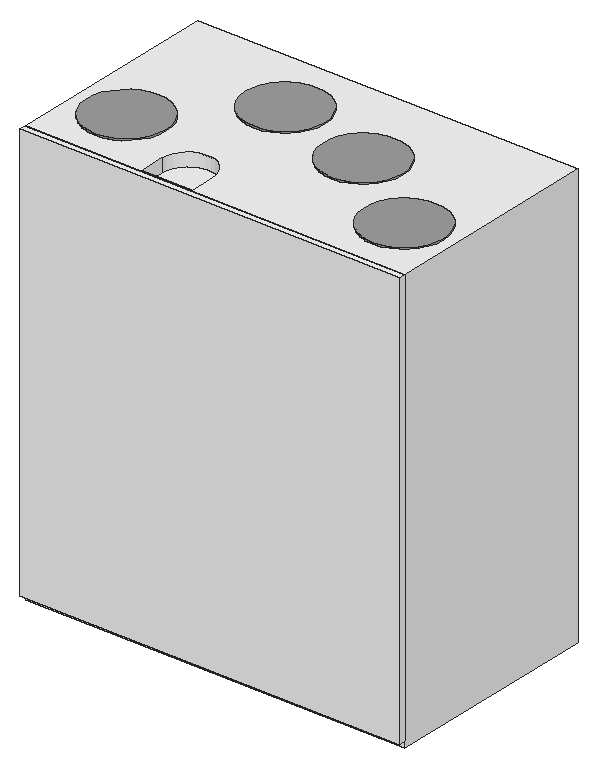
Revit family "210_e043900bc1dc4065a8cf497bf579gb", category Mechanical Equipment, Revit 2020
Family settings
  Round Connector Dimension = Use Diameter
  Classification = None
  Part Type = Normal
  Work Plane-Based = No
  Always vertical = Yes
  Cut with Voids When Loaded = No
  Shared = No
  Room Calculation Point = No
Parameters (values of type "Vallox 51 MV R, no heater")
  magiProductId = "e043900bc1dc4065a8cf497bf579gb"
  magiProductFamilyId = "e043900bc1dc4065a8cf497bf579gb"
  magiPartTypeId = 210
  fan_pressure_supply [instance] = 0.0 Pa
  fan_pressure_exhaust [instance] = 0.0 Pa
  fan_flow_supply [instance] = 0.0 L/s
  fan_flow_exhaust [instance] = 0.0 L/s
  ang2D [instance] = 0.00°
  W_2 = 169.5 mm
  W = 339 mm
  VersionID = "2.0/2020.10.13.1/VALLOX_51_202"
  VIS0 = no
  URL = "www.vallox.com"
  SE = 0 mm
  S = 1 mm
  RS = 62.5 mm
  QmdConnectorList = "221;D;231;D;241;D;251;D"
  Productdata [instance] = "© MagiCAD Group, all rights reserved"
  PValue [instance] = 100.0 Pa
  Manufacturer = "Vallox"
  MZONU__ve [instance] = -Maintenance Zone Under Depth  # -500 mm
  Maintenance Zone Under Depth [instance] = 500 mm
  Maintenance Zone Right Depth [instance] = 500 mm
  Maintenance Zone Over Depth [instance] = 500 mm
  Maintenance Zone Left Depth [instance] = 500 mm
  Maintenance Zone Front Depth [instance] = 330 mm
  Maintenance Zone Bottom Visibility [instance] = no
  Maintenance Zone Top Visibility [instance] = no
  Maintenance Zone Right Visibility [instance] = no
  Maintenance Zone Left Visibility [instance] = no
  Maintenance Zone Front Visibility [instance] = no
  MP_LLDAndHLD = and(MP, LLDAndHLD)  # no
  MPS = 2 mm
  MPH1 = 44 mm
  MPH = 46 mm
  MP = no
  MC Voltage = 230 V
  MC Ventilation Flow [instance] = 0.0 L/s
  MC Product Code = "Vallox 51 MV R, no heater"
  MC Piping Flow [instance] = 0.0 L/s
  MC Number of Poles = 1
  MC Material4 MAIN_MODEL = MC_0_0_0_0_50
  MC Material14 MAIN_MODEL = MC_191_191_191_0_50
  MC Material13 MAIN_MODEL = MC_255_255_255_60_50
  MC Material12 MAIN_MODEL = MC_128_128_128_0_50
  MC Material1 MAIN_MODEL = MC_255_255_255_0_50
  MC Enable LOD 350 = no
  MC Enable LOD 200 = no
  MC Eload Classification [instance] = Other
  MC CosPhi = 1
  MC Cooling Flow [instance] = 0.0 L/s
  MC Apparent Power = MC Active Power / MC CosPhi  # 940 VA
  MC Active Power = 940 W
  L_2 = 299 mm
  LP1 = 588 mm
  LLDONLY = not(BBVIS)  # yes
  LLDAndHLD = and(or(LLDONLY, MC Enable LOD 350), not(BBVIS))  # yes
  LD = 89 mm
  L = 598 mm
  HZ = 673 mm
  HP1 = 658 mm
  HP = 339 mm
  HB = 648 mm
  H2 = 668 mm
  H = 668 mm
  ER1 = 20 mm
  ER = 26 mm
  EPR = 30 mm
  ENBL350 = and(MC Enable LOD 350, not(BBVIS))  # no
  E = 110 mm
  Description = "Ventilation unit"
  Default Elevation = 0 mm
  D_2 = 62.5 mm
  DSCY = 105 mm
  DSC = 222 mm
  DR4 = 12 mm
  DR3 = 10 mm
  DR2 = 6 mm
  DR1 = 17.5 mm
  DR = 22.5 mm
  DPR = 8 mm
  DOC = 518 mm
  DL = 15 mm
  DEXY = 145 mm
  DEX = 377 mm
  DEC = 81 mm
  D = 125 mm
  CenSd_EPR_6 = EPR * cos(30.00°)  # 25.981 mm
  CenSd_DPR_8 = DPR * cos(22.50°)  # 7.391 mm
  Clearance Zone Under Depth [instance] = 500 mm
  Clearance Zone Right Depth [instance] = 500 mm
  Clearance Zone Left Depth [instance] = 500 mm
  Clearance Zone Height Depth [instance] = 500 mm
  Clearance Zone Front Depth [instance] = 500 mm
  Clearance Zone Visibility [instance] = no
  CAT = no
  BW = 359 mm
  BH = 725 mm
  BBVIS = MC Enable LOD 200  # no
Reference planes
  plane 1 "Center (Front/Back)": y = 0
  plane 2 "XYPLANE": z = 0
  plane 3 "Center (Left/Right)": x = 0
  plane 4 "312": y = -76.5
  plane 5 "311": x = -32
  plane 6 "310": x = -122
  plane 7 "284": z = 668
  plane 8 "282": y = -156.5
  plane 9 "281": z = 712
  plane 10 "277": x = -297
  plane 11 "276": x = 297
  plane 12 "275": y = -157.5
  plane 13 "267": z = 673
  plane 14 "161": x = 799
  plane 15 "158": x = -799
  plane 16 "153": y = -509.5
  plane 17 "150": z = 1173
  plane 18 "149": z = -552
  plane 19 "147": y = -659.5
  plane 20 "146": x = 799
  plane 21 "145": x = 299
  plane 22 "144": x = -799
  plane 23 "129": y = 51.5
  plane 24 "121": y = 36.5
  plane 25 "120": z = -32
  plane 26 "118": y = 31.5
  plane 27 "117": y = 26.5
  plane 28 "116": z = -22
  plane 29 "114": x = -220
  plane 30 "113": x = -200
  plane 31 "109": z = -47
  plane 32 "107": z = -52
  plane 33 "105": y = 6.5
  plane 34 "104": x = -210
  plane 35 "95": x = -77
  plane 36 "92": z = 673
  plane 37 "90": z = 663
  plane 38 "86": y = -157.5
  plane 39 "85": y = -117.5
  plane 40 "84": x = -37
  plane 41 "83": x = -117
  plane 42 "80": z = 440
  plane 43 "79": z = 438
  plane 44 "78": z = 448
  plane 45 "77": y = -179.5
  plane 46 "76": y = -171.5
  plane 47 "75": y = -169.5
  plane 48 "74": x = -294
  plane 49 "70": z = 339
  plane 50 "69": y = -159.5
  plane 51 "67": y = 10
  plane 52 "42": x = 219
  plane 53 "41": x = 78
  plane 54 "40": y = 34.5
  plane 55 "39": y = 74.5
  plane 56 "38": x = -77
  plane 57 "17": x = -218
  plane 58 "16": x = -299
  plane 59 "15": z = 668
  plane 60 "14": y = -61.5
  plane 61 "13": y = 179.5
  plane 62 "3": z = 0
  plane 63 "2": y = 0
  plane 64 "1": x = 0
Forms (mm)
  Extrusion 1, solid, material "MC_128_128_128_0_50" <- "MC Material12 MAIN_MODEL", visible <- "MP_LLDAndHLD"
    sketch origin (-750, 0, 668) x (1, 0, 0) y (0, 1, 0)
      loop
        circle (969, -61.5) r 62.5
    from 0 to 46 <- "MPH"
  Extrusion 2, solid, material "MC_128_128_128_0_50" <- "MC Material12 MAIN_MODEL", visible <- "MP_LLDAndHLD"
    sketch origin (-750, 0, 668) x (1, 0, 0) y (0, 1, 0)
      loop
        circle (828, 34.5) r 62.5
    from 0 to 46 <- "MPH"
  Extrusion 3, solid, material "MC_128_128_128_0_50" <- "MC Material12 MAIN_MODEL", visible <- "MP_LLDAndHLD"
    sketch origin (-750, 0, 668) x (1, 0, 0) y (0, 1, 0)
      loop
        circle (673, 74.5) r 62.5
    from 0 to 46 <- "MPH"
  Extrusion 4, solid, material "MC_128_128_128_0_50" <- "MC Material12 MAIN_MODEL", visible <- "MP_LLDAndHLD"
    sketch origin (-750, 0, 668) x (1, 0, 0) y (0, 1, 0)
      loop
        circle (532, -61.5) r 62.5
    from 0 to 46 <- "MPH"
  Extrusion 5, solid, material "MC_191_191_191_0_50" <- "MC Material14 MAIN_MODEL", visible <- "MP_LLDAndHLD"
    sketch origin (-750, 0, 712) x (1, 0, 0) y (0, 1, 0)
      loop
        line (453, 179.5) -> (453, -157.5) -> (1047, -157.5) -> (1047, 179.5) -> (453, 179.5)
      loop
        line (628, -76.5) -> (628, -156.5) -> (718, -156.5) -> (718, -76.5) -> (628, -76.5)
    from 0 to 2
  Extrusion 6, solid, material "MC_255_255_255_0_50" <- "MC Material1 MAIN_MODEL", visible <- "MP_LLDAndHLD"
    sketch origin (-750, 0, 668) x (1, 0, 0) y (0, 1, 0)
      loop
        line (451, -157.5) -> (451, -159.5) -> (1049, -159.5) -> (1049, -157.5) -> (451, -157.5)
    from 0 to 46 <- "MPH"
  Extrusion 7, solid, material "MC_255_255_255_0_50" <- "MC Material1 MAIN_MODEL", visible <- "MP_LLDAndHLD"
    sketch origin (-750, 0, 668) x (1, 0, 0) y (0, 1, 0)
      loop
        line (453, 179.5) -> (451, 179.5) -> (451, -157.5) -> (453, -157.5) -> (453, 179.5)
    from 0 to 46 <- "MPH"
  Extrusion 8, solid, material "MC_255_255_255_0_50" <- "MC Material1 MAIN_MODEL", visible <- "MP_LLDAndHLD"
    sketch origin (-750, 0, 668) x (1, 0, 0) y (0, 1, 0)
      loop
        line (1049, 179.5) -> (1047, 179.5) -> (1047, -157.5) -> (1049, -157.5) -> (1049, 179.5)
    from 0 to 46 <- "MPH"
  Extrusion 9, solid, material "MC_255_255_255_60_50" <- "MC Material13 MAIN_MODEL", visible <- "Maintenance Zone Top Visibility"
    sketch origin (-750, 0, 673) x (1, 0, 0) y (0, 1, 0)
      loop
        line (451, 179.5) -> (451, -179.5) -> (1049, -179.5) -> (1049, 179.5) -> (451, 179.5)
    from 0 to 500 <- "Maintenance Zone Over Depth"
  Extrusion 10, solid, material "MC_255_255_255_60_50" <- "MC Material13 MAIN_MODEL", visible <- "Maintenance Zone Bottom Visibility"
    sketch origin (-750, 0, -52) x (1, 0, 0) y (0, 1, 0)
      loop
        line (451, 179.5) -> (451, -179.5) -> (1049, -179.5) -> (1049, 179.5) -> (451, 179.5)
    from 0 to -500 <- "MZONU__ve"
  Extrusion 11, solid, material "MC_255_255_255_60_50" <- "MC Material13 MAIN_MODEL", visible <- "Maintenance Zone Right Visibility"
    sketch origin (-750, 0, -52) x (1, 0, 0) y (0, 1, 0)
      loop
        line (1549, 179.5) -> (1049, 179.5) -> (1049, -179.5) -> (1549, -179.5) -> (1549, 179.5)
    from 0 to 725 <- "BH"
  Extrusion 12, solid, material "MC_255_255_255_60_50" <- "MC Material13 MAIN_MODEL", visible <- "Maintenance Zone Left Visibility"
    sketch origin (-750, 0, -52) x (1, 0, 0) y (0, 1, 0)
      loop
        line (451, 179.5) -> (-49, 179.5) -> (-49, -179.5) -> (451, -179.5) -> (451, 179.5)
    from 0 to 725 <- "BH"
  Extrusion 13, solid, material "MC_255_255_255_60_50" <- "MC Material13 MAIN_MODEL", visible <- "Maintenance Zone Front Visibility"
    sketch origin (-750, 0, -52) x (1, 0, 0) y (0, 1, 0)
      loop
        line (451, -179.5) -> (451, -509.5) -> (1049, -509.5) -> (1049, -179.5) -> (451, -179.5)
    from 0 to 725 <- "BH"
  Blend 14, solid, material "MC_255_255_255_60_50" <- "MC Material13 MAIN_MODEL", visible <- "Clearance Zone Visibility"
    base sketch origin (-750, 0, -552) x (1, 0, 0) y (0, 1, 0)
      loop
        line (-49, 179.5) -> (-49, -659.5) -> (1549, -659.5) -> (1549, 179.5) -> (-49, 179.5)
    top sketch origin (-750, 0, -552) x (1, 0, 0) y (0, 1, 0)
      loop
        line (-49, 179.5) -> (-49, -659.5) -> (1549, -659.5) -> (1549, 179.5) -> (-49, 179.5)
    from 0 to 1725
  Extrusion 15, solid, visible <- "BBVIS"
    sketch origin (-750, 0, -52) x (1, 0, 0) y (0, 1, 0)
      loop
        line (1049, 179.5) -> (451, 179.5) -> (451, -179.5) -> (1049, -179.5) -> (1049, 179.5)
    from 0 to 725 <- "BH"
  Extrusion 16, solid, material "MC_255_255_255_0_50" <- "MC Material1 MAIN_MODEL", visible <- "ENBL350"
    sketch origin (750, 36.5, 0) x (-1, 0, 0) y (0, 0, 1)
      loop
        circle (960, -32) r 10
      loop
        line (952, -32) -> (954.343, -37.657) -> (960, -40) -> (965.657, -37.657) -> (968, -32) -> (965.657, -26.343) -> (960, -24) -> (954.343, -26.343) -> (952, -32)
    from 0 to 3
  Extrusion 17, solid, material "MC_255_255_255_0_50" <- "MC Material1 MAIN_MODEL", visible <- "LLDAndHLD"
    sketch origin (750, 36.5, 0) x (-1, 0, 0) y (0, 0, 1)
      loop
        circle (960, -32) r 6
    from 0 to 15
  Extrusion 18, solid, material "MC_255_255_255_0_50" <- "MC Material1 MAIN_MODEL", visible <- "LLDAndHLD"
    sketch origin (750, 36.5, 0) x (-1, 0, 0) y (0, 0, 1)
      loop
        circle (960, -32) r 6
    from 0 to -5
  Extrusion 19, solid, material "MC_255_255_255_0_50" <- "MC Material1 MAIN_MODEL", visible <- "ENBL350"
    sketch origin (750, 36.5, 0) x (-1, 0, 0) y (0, 0, 1)
      loop
        line (952, -32) -> (954.343, -37.657) -> (960, -40) -> (965.657, -37.657) -> (968, -32) -> (965.657, -26.343) -> (960, -24) -> (954.343, -26.343) -> (952, -32)
      loop
        circle (960, -32) r 6
    from 0 to 15
  Extrusion 20, solid, material "MC_255_255_255_0_50" <- "MC Material1 MAIN_MODEL", visible <- "LLDAndHLD"
    sketch origin (-750, 0, -22) x (1, 0, 0) y (0, 1, 0)
      loop
        arc (530, 26.5) -> (540, 28.75) -> (550, 26.5) r 23.347
        line (550, 26.5) -> (550, 31.5) -> (530, 31.5) -> (530, 26.5)
    from 0 to -20
  Blend 21, solid, material "MC_255_255_255_0_50" <- "MC Material1 MAIN_MODEL", visible <- "LLDAndHLD"
    base sketch origin (-750, 0, -47) x (1, 0, 0) y (0, 1, 0)
      loop
        circle (540, 6.5) r 22.5
    top sketch origin (-750, 0, -47) x (1, 0, 0) y (0, 1, 0)
      loop
        circle (540, 6.5) r 17.5
    from 0 to -5
  Extrusion 22, solid, material "MC_255_255_255_0_50" <- "MC Material1 MAIN_MODEL", visible <- "LLDAndHLD"
    sketch origin (-750, 0, -47) x (1, 0, 0) y (0, 1, 0)
      loop
        circle (540, 6.5) r 22.5
    from 0 to 47
  Blend 23, solid, material "MC_255_255_255_0_50" <- "MC Material1 MAIN_MODEL", visible <- "ENBL350"
    base sketch origin (-750, 0, 663) x (1, 0, 0) y (0, 1, 0)
      loop
        circle (673, -117.5) r 26
    top sketch origin (-750, 0, 663) x (1, 0, 0) y (0, 1, 0)
      loop
        circle (673, -117.5) r 20
    from 0 to 10
  Extrusion 24, solid, material "MC_255_255_255_0_50" <- "MC Material1 MAIN_MODEL", visible <- "ENBL350"
    sketch origin (-750, 0, 663) x (1, 0, 0) y (0, 1, 0)
      loop
        line (703, -117.5) -> (688, -91.519) -> (658, -91.519) -> (643, -117.5) -> (658, -143.481) -> (688, -143.481) -> (703, -117.5)
    from 0 to -15
  Extrusion 25, solid, material "MC_255_255_255_0_50" <- "MC Material1 MAIN_MODEL", visible <- "LLDAndHLD"
    sketch origin (-750, 0, 0) x (1, 0, 0) y (0, 1, 0)
      loop
        line (633, -157.5) -> (713, -157.5) -> (713, -117.5)
        arc (713, -117.5) -> (673, -77.5) -> (633, -117.5) r 40
        line (633, -117.5) -> (633, -157.5)
    from 0 to 648 <- "HB"
  Extrusion 26, solid, material "MC_255_255_255_0_50" <- "MC Material1 MAIN_MODEL", visible <- "ENBL350"
    sketch origin (-294, -750, 0) x (0, 1, 0) y (0, 0, 1)
      loop
        line (580.5, 668) -> (578.5, 668) -> (578.5, 448) -> (570.5, 440) -> (570.5, 438) -> (580.5, 448) -> (580.5, 668)
    from 0 to 588 <- "LP1"
  Extrusion 27, solid, material "MC_255_255_255_0_50" <- "MC Material1 MAIN_MODEL", visible <- "LLDAndHLD"
    sketch origin (750, -159.5, 0) x (-1, 0, 0) y (0, 0, 1)
      loop
        line (1049, 668) -> (451, 668) -> (451, 10) -> (1049, 10) -> (1049, 668)
    from 0 to -10
  Extrusion 28, solid, material "MC_128_128_128_0_50" <- "MC Material12 MAIN_MODEL", visible <- "LLDAndHLD"
    sketch origin (-750, 0, 668) x (1, 0, 0) y (0, 1, 0)
      loop
        circle (828, 34.5) r 62.5
    from 0 to 2
  Extrusion 29, solid, material "MC_128_128_128_0_50" <- "MC Material12 MAIN_MODEL", visible <- "LLDAndHLD"
    sketch origin (-750, 0, 668) x (1, 0, 0) y (0, 1, 0)
      loop
        circle (673, 74.5) r 62.5
    from 0 to 2
  Extrusion 30, solid, material "MC_128_128_128_0_50" <- "MC Material12 MAIN_MODEL", visible <- "LLDAndHLD"
    sketch origin (-750, 0, 668) x (1, 0, 0) y (0, 1, 0)
      loop
        circle (969, -61.5) r 62.5
    from 0 to 2
  Extrusion 31, solid, material "MC_128_128_128_0_50" <- "MC Material12 MAIN_MODEL", visible <- "LLDAndHLD"
    sketch origin (-750, 0, 668) x (1, 0, 0) y (0, 1, 0)
      loop
        circle (532, -61.5) r 62.5
    from 0 to 2
  Extrusion 32, solid, material "MC_255_255_255_0_50" <- "MC Material1 MAIN_MODEL", visible <- "LLDAndHLD"
    sketch origin (-750, 0, 0) x (1, 0, 0) y (0, 1, 0)
      loop
        line (1049, 179.5) -> (451, 179.5) -> (451, -159.5) -> (1049, -159.5) -> (1049, 179.5)
      loop
        line (633, -157.5) -> (713, -157.5) -> (713, -117.5)
        arc (713, -117.5) -> (673, -77.5) -> (633, -117.5) r 40
        line (633, -117.5) -> (633, -157.5)
    from 0 to 668 <- "H"
  Extrusion 33, solid, not visible
    sketch origin (750, 51.5, 0) x (-1, 0, 0) y (0, 0, 1)
      loop
        circle (960, -32) r 10
    from 0 to -10
  Extrusion 34, solid, not visible
    sketch origin (-750, 0, 668) x (1, 0, 0) y (0, 1, 0)
      loop
        circle (828, 34.5) r 10
    from 0 to -10
  Extrusion 35, solid, not visible
    sketch origin (-750, 0, 668) x (1, 0, 0) y (0, 1, 0)
      loop
        circle (673, 74.5) r 10
    from 0 to -10
  Extrusion 36, solid, not visible
    sketch origin (-750, 0, 668) x (1, 0, 0) y (0, 1, 0)
      loop
        circle (969, -61.5) r 10
    from 0 to -10
  Extrusion 37, solid, not visible
    sketch origin (-750, 0, 668) x (1, 0, 0) y (0, 1, 0)
      loop
        circle (532, -61.5) r 10
    from 0 to -10
  Extrusion 38, solid, not visible
    sketch origin (-750, 0, 673) x (1, 0, 0) y (0, 1, 0)
      loop
        circle (673, -117.5) r 10
    from 0 to -10
Lines and regions (mm)
  reference lines, not visible
    curve 1: circle (2, 2, 0) r 1 normal (0, 0, 1)
  reference lines
    curve 2: circle (0, 0, -52) r 1 normal (0, 0, 1)
    curve 3: line (-210, 36.5, -32) -> (-211.172, 36.5, -34.828)
    curve 4: line (-210, 36.5, -32) -> (-212.828, 36.5, -33.172)
    curve 5: line (-210, 36.5, -32) -> (-212.828, 36.5, -30.828)
    curve 6: line (-210, 36.5, -32) -> (-211.172, 36.5, -29.172)
    curve 7: line (-210, 36.5, -32) -> (-211.172, 36.5, -34.828)
    curve 8: line (-210, 36.5, -32) -> (-212.828, 36.5, -33.172)
    curve 9: line (-210, 36.5, -32) -> (-212.828, 36.5, -30.828)
    curve 10: line (-210, 36.5, -32) -> (-211.172, 36.5, -29.172)
    curve 11: line (-220, 26.5, -22) -> (-200, 26.5, -22)
    curve 12: line (-77, -117.5, 663) -> (-84.5, -104.51, 663)
    curve 13: line (-77, -117.5, 663) -> (-92, -117.5, 663)
    curve 14: line (-77, -117.5, 663) -> (-84.5, -130.49, 663)
    curve 15: line (-117, -117.5, 0) -> (-37, -117.5, 0)
    curve 16: circle (0, -159.5, 339) r 1 normal (0, -1, 0)
    curve 17: circle (0, 10, 0) r 1 normal (0, 0, 1)
    curve 18: line (-117, -117.5, 0) -> (-37, -117.5, 0)
Dimensions and locks
  plane 1 "Center (Front/Back)" to curve 1 = 2 mm
  locked: plane 8 "282" to plane 4 "312" at 80
  locked: plane 6 "310" to plane 5 "311" at 90
  locked: plane 35 "95" to plane 6 "310" at 45
  "H2": plane 62 "3" to plane 7 "284"
  locked: plane 12 "275" to plane 8 "282" at 1
  "MPH1": plane 59 "15" to plane 9 "281"
  "MPS": plane 58 "16" to plane 10 "277"
  "MPS": plane 21 "145" to plane 11 "276"
  "MPS": plane 50 "69" to plane 12 "275"
  "HZ": plane 62 "3" to plane 13 "267"
  "Maintenance Zone Right Depth": plane 21 "145" to plane 14 "161"
  "Maintenance Zone Left Depth": plane 58 "16" to plane 15 "158"
  "Maintenance Zone Front Depth": plane 45 "77" to plane 16 "153"
  "Clearance Zone Height Depth": plane 13 "267" to plane 17 "150"
  "Clearance Zone Under Depth": plane 32 "107" to plane 18 "149"
  "Clearance Zone Front Depth": plane 50 "69" to plane 19 "147"
  "Clearance Zone Right Depth": plane 21 "145" to plane 20 "146"
  "L_2": plane 64 "1" to plane 21 "145"
  "Clearance Zone Left Depth": plane 58 "16" to plane 22 "144"
  locked: plane 24 "121" to plane 23 "129" at 15
  locked: plane 26 "118" to plane 24 "121" at 5
  locked: plane 28 "116" to plane 25 "120" at 10
  locked: plane 27 "117" to plane 26 "118" at 5
  locked: plane 33 "105" to plane 27 "117" at 20
  locked: plane 62 "3" to plane 28 "116" at 22
  locked: plane 34 "104" to plane 29 "114" at 10
  locked: plane 34 "104" to plane 30 "113" at 10
  locked: plane 62 "3" to plane 31 "109" at 47
  locked: plane 62 "3" to plane 32 "107" at 52
  locked: plane 61 "13" to plane 33 "105" at 173
  "LD": plane 58 "16" to plane 34 "104"
  locked: plane 58 "16" to plane 35 "95" at 222
  locked: plane 59 "15" to plane 36 "92" at 5
  locked: plane 59 "15" to plane 37 "90" at 5
  locked: plane 50 "69" to plane 38 "86" at 2
  locked: plane 38 "86" to plane 39 "85" at 40
  locked: plane 35 "95" to plane 40 "84" at 40
  locked: plane 35 "95" to plane 41 "83" at 40
  locked: plane 44 "78" to plane 42 "80" at 8
  locked: plane 44 "78" to plane 43 "79" at 10
  locked: plane 59 "15" to plane 44 "78" at 220
  locked: plane 47 "75" to plane 45 "77" at 10
  locked: plane 47 "75" to plane 46 "76" at 2
  locked: plane 50 "69" to plane 47 "75" at 10
  locked: plane 58 "16" to plane 48 "74" at 5
  "HP": plane 62 "3" to plane 49 "70"
  "W_2": plane 51 "67" to plane 50 "69"
  locked: plane 63 "2" to plane 51 "67" at 10
  "DOC": plane 58 "16" to plane 52 "42"
  "DEX": plane 58 "16" to plane 53 "41"
  "DEXY": plane 61 "13" to plane 54 "40"
  "DSCY": plane 61 "13" to plane 55 "39"
  "DSC": plane 58 "16" to plane 56 "38"
  "DEC": plane 58 "16" to plane 57 "17"
  "L_2": plane 64 "1" to plane 58 "16"
  "H": plane 62 "3" to plane 59 "15"
  locked: plane 61 "13" to plane 60 "14" at 241
  "W_2": plane 51 "67" to plane 61 "13"
  locked: plane 2 "XYPLANE" to plane 62 "3"
  locked: plane 1 "Center (Front/Back)" to plane 63 "2"
  locked: plane 3 "Center (Left/Right)" to plane 64 "1"
  Extrusion 5 sketch curve to Extrusion 5 sketch curve = 0 mm  (x16)
  Extrusion 6 sketch curve to Extrusion 6 sketch curve = 0 mm  (x8)
  Extrusion 7 sketch curve to Extrusion 7 sketch curve = 0 mm  (x8)
  Extrusion 8 sketch curve to Extrusion 8 sketch curve = 0 mm  (x8)
  Extrusion 9 sketch curve to Extrusion 9 sketch curve = 0 mm  (x8)
  Extrusion 10 sketch curve to Extrusion 10 sketch curve = 0 mm  (x8)
  Extrusion 11 sketch curve to Extrusion 11 sketch curve = 0 mm  (x8)
  Extrusion 12 sketch curve to Extrusion 12 sketch curve = 0 mm  (x8)
  Extrusion 13 sketch curve to Extrusion 13 sketch curve = 0 mm  (x8)
  Blend 14 sketch curve to Blend 14 sketch curve = 0 mm  (x16)
  equal spacing: Extrusion 15 sketch curve, curve 2, Extrusion 15 sketch curve  (x2)
  "BW": Extrusion 15 sketch curve to Extrusion 15 sketch curve
  "L": Extrusion 15 sketch curve to Extrusion 15 sketch curve
  Extrusion 15 sketch curve to Extrusion 15 sketch curve = 0 mm  (x8)
  "CenSd_DPR_8": curve 3 to Extrusion 16 sketch curve  (x2)
  "CenSd_DPR_8": curve 4 to Extrusion 16 sketch curve  (x2)
  "CenSd_DPR_8": curve 5 to Extrusion 16 sketch curve  (x2)
  "CenSd_DPR_8": curve 6 to Extrusion 16 sketch curve  (x2)
  Extrusion 16 sketch curve to Extrusion 16 sketch curve = 0 mm  (x16)
  "CenSd_DPR_8": curve 7 to Extrusion 19 sketch curve  (x2)
  "CenSd_DPR_8": curve 8 to Extrusion 19 sketch curve  (x2)
  "CenSd_DPR_8": curve 9 to Extrusion 19 sketch curve  (x2)
  "CenSd_DPR_8": curve 10 to Extrusion 19 sketch curve  (x2)
  Extrusion 19 sketch curve to Extrusion 19 sketch curve = 0 mm  (x16)
  Extrusion 20 sketch curve to Extrusion 20 sketch curve = 0 mm  (x8)
  "CenSd_EPR_6": curve 12 to Extrusion 24 sketch curve  (x2)
  "CenSd_EPR_6": curve 13 to Extrusion 24 sketch curve  (x2)
  "CenSd_EPR_6": curve 14 to Extrusion 24 sketch curve  (x2)
  Extrusion 24 sketch curve to Extrusion 24 sketch curve = 0 mm  (x12)
  Extrusion 25 sketch curve to Extrusion 25 sketch curve = 0 mm  (x8)
  Extrusion 26 sketch curve to Extrusion 26 sketch curve = 0 mm  (x12)
  equal spacing: Extrusion 27 sketch curve, curve 16, Extrusion 27 sketch curve  (x2)
  "L": Extrusion 27 sketch curve to Extrusion 27 sketch curve
  "HP1": Extrusion 27 sketch curve to Extrusion 27 sketch curve
  Extrusion 27 sketch curve to Extrusion 27 sketch curve = 0 mm  (x8)
  equal spacing: Extrusion 32 sketch curve, curve 17, Extrusion 32 sketch curve  (x2)
  "W": Extrusion 32 sketch curve to Extrusion 32 sketch curve
  "L": Extrusion 32 sketch curve to Extrusion 32 sketch curve
  Extrusion 32 sketch curve to Extrusion 32 sketch curve = 0 mm  (x16)
  "D_2": radius of Extrusion 1 sketch curve
  "D_2": radius of Extrusion 2 sketch curve
  "D_2": radius of Extrusion 3 sketch curve
  "D_2": radius of Extrusion 4 sketch curve
  "DR3": radius of Extrusion 16 sketch curve
  "DR2": radius of Extrusion 17 sketch curve
  "DR2": radius of Extrusion 18 sketch curve
  "DR2": radius of Extrusion 19 sketch curve
  "DR1": radius of Blend 21 sketch curve
  "DR": radius of Blend 21 sketch curve
  "DR": radius of Extrusion 22 sketch curve
  "ER1": radius of Blend 23 sketch curve
  "ER": radius of Blend 23 sketch curve
  "D_2": radius of Extrusion 28 sketch curve
  "D_2": radius of Extrusion 29 sketch curve
  "D_2": radius of Extrusion 30 sketch curve
  "D_2": radius of Extrusion 31 sketch curve
  locked: curve 4 to curve 3 (angle 45.00°)
  locked: curve 5 to curve 4 (angle 45.00°)
  locked: curve 6 to curve 5 (angle 45.00°)
  locked: curve 6 to curve 3 (angle 135.00°)
  locked: curve 8 to curve 7 (angle 45.00°)
  locked: curve 9 to curve 8 (angle 45.00°)
  locked: curve 10 to curve 9 (angle 45.00°)
  locked: curve 10 to curve 7 (angle 135.00°)
  locked: curve 13 to curve 12 (angle 60.00°)
  locked: curve 14 to curve 13 (angle 60.00°)
  locked: curve 14 to curve 12 (angle 120.00°)
  aligned and locked: level to plane 2 "XYPLANE"
  aligned and locked: plane 52 "42" to Extrusion 1 sketch curve
  aligned and locked: plane 60 "14" to Extrusion 1 sketch curve
  aligned and locked: plane 53 "41" to Extrusion 2 sketch curve
  aligned and locked: plane 54 "40" to Extrusion 2 sketch curve
  aligned and locked: plane 55 "39" to Extrusion 3 sketch curve
  aligned and locked: plane 56 "38" to Extrusion 3 sketch curve
  aligned and locked: plane 57 "17" to Extrusion 4 sketch curve
  aligned and locked: plane 60 "14" to Extrusion 4 sketch curve
  aligned and locked: Extrusion 5 sketch curve to plane 10 "277"
  aligned and locked: plane 61 "13" to Extrusion 5 sketch curve  (x2)
  aligned and locked: plane 12 "275" to Extrusion 5 sketch curve  (x2)
  aligned and locked: plane 10 "277" to Extrusion 5 sketch curve
  aligned and locked: plane 11 "276" to Extrusion 5 sketch curve  (x2)
  aligned and locked: Extrusion 5 sketch curve to plane 6 "310"
  aligned and locked: plane 4 "312" to Extrusion 5 sketch curve  (x2)
  aligned and locked: plane 8 "282" to Extrusion 5 sketch curve  (x2)
  aligned and locked: plane 6 "310" to Extrusion 5 sketch curve
  aligned and locked: plane 5 "311" to Extrusion 5 sketch curve  (x2)
  aligned and locked: Extrusion 6 sketch curve to plane 58 "16"
  aligned and locked: plane 12 "275" to Extrusion 6 sketch curve  (x2)
  aligned and locked: plane 50 "69" to Extrusion 6 sketch curve  (x2)
  aligned and locked: plane 58 "16" to Extrusion 6 sketch curve
  aligned and locked: plane 21 "145" to Extrusion 6 sketch curve  (x2)
  aligned and locked: Extrusion 7 sketch curve to plane 10 "277"
  aligned and locked: plane 61 "13" to Extrusion 7 sketch curve  (x2)
  aligned and locked: plane 12 "275" to Extrusion 7 sketch curve  (x2)
  aligned and locked: plane 10 "277" to Extrusion 7 sketch curve
  aligned and locked: plane 58 "16" to Extrusion 7 sketch curve  (x2)
  aligned and locked: Extrusion 8 sketch curve to plane 21 "145"
  aligned and locked: plane 61 "13" to Extrusion 8 sketch curve  (x2)
  aligned and locked: plane 12 "275" to Extrusion 8 sketch curve  (x2)
  aligned and locked: plane 21 "145" to Extrusion 8 sketch curve
  aligned and locked: plane 11 "276" to Extrusion 8 sketch curve  (x2)
  aligned and locked: Extrusion 9 sketch curve to plane 58 "16"
  aligned and locked: plane 61 "13" to Extrusion 9 sketch curve  (x2)
  aligned and locked: plane 45 "77" to Extrusion 9 sketch curve  (x2)
  aligned and locked: plane 58 "16" to Extrusion 9 sketch curve
  aligned and locked: plane 21 "145" to Extrusion 9 sketch curve  (x2)
  aligned and locked: Extrusion 10 sketch curve to plane 58 "16"
  aligned and locked: plane 61 "13" to Extrusion 10 sketch curve  (x2)
  aligned and locked: plane 45 "77" to Extrusion 10 sketch curve  (x2)
  aligned and locked: plane 58 "16" to Extrusion 10 sketch curve
  aligned and locked: plane 21 "145" to Extrusion 10 sketch curve  (x2)
  aligned and locked: Extrusion 11 sketch curve to plane 14 "161"
  aligned and locked: Extrusion 11 sketch curve to plane 61 "13"  (x2)
  aligned and locked: Extrusion 11 sketch curve to plane 45 "77"
  aligned and locked: plane 14 "161" to Extrusion 11 sketch curve
  aligned and locked: plane 21 "145" to Extrusion 11 sketch curve  (x2)
  aligned and locked: plane 45 "77" to Extrusion 11 sketch curve
  aligned and locked: Extrusion 12 sketch curve to plane 58 "16"
  aligned and locked: plane 61 "13" to Extrusion 12 sketch curve  (x2)
  aligned and locked: plane 45 "77" to Extrusion 12 sketch curve  (x2)
  aligned and locked: plane 58 "16" to Extrusion 12 sketch curve
  aligned and locked: plane 15 "158" to Extrusion 12 sketch curve  (x2)
  aligned and locked: Extrusion 13 sketch curve to plane 58 "16"
  aligned and locked: plane 45 "77" to Extrusion 13 sketch curve  (x2)
  aligned and locked: plane 16 "153" to Extrusion 13 sketch curve  (x2)
  aligned and locked: plane 58 "16" to Extrusion 13 sketch curve
  aligned and locked: plane 21 "145" to Extrusion 13 sketch curve  (x2)
  aligned and locked: Blend 14 sketch curve to plane 22 "144"  (x2)
  aligned and locked: plane 61 "13" to Blend 14 sketch curve  (x2)
  aligned and locked: plane 19 "147" to Blend 14 sketch curve  (x2)
  aligned and locked: plane 22 "144" to Blend 14 sketch curve  (x2)
  aligned and locked: plane 20 "146" to Blend 14 sketch curve  (x4)
  aligned and locked: Blend 14 sketch curve to plane 19 "147"  (x2)
  aligned and locked: Blend 14 sketch curve to plane 61 "13"  (x2)
  aligned and locked: Blend 14 to plane 17 "150"
  aligned and locked: plane 63 "2" to curve 2
  aligned and locked: plane 64 "1" to curve 2
  aligned and locked: plane 25 "120" to Extrusion 16 sketch curve
  aligned and locked: Extrusion 16 sketch curve to plane 34 "104"
  aligned and locked: plane 25 "120" to Extrusion 17 sketch curve
  aligned and locked: Extrusion 17 sketch curve to plane 34 "104"
  aligned and locked: plane 25 "120" to Extrusion 18 sketch curve
  aligned and locked: Extrusion 18 sketch curve to plane 34 "104"
  aligned and locked: plane 25 "120" to curve 7
  aligned and locked: curve 8 to plane 34 "104"
  aligned and locked: plane 25 "120" to Extrusion 19 sketch curve
  aligned and locked: Extrusion 19 sketch curve to plane 34 "104"
  aligned and locked: curve 11 to plane 27 "117"
  aligned and locked: plane 29 "114" to curve 11
  aligned and locked: plane 30 "113" to curve 11
  aligned and locked: plane 30 "113" to Extrusion 20 sketch curve  (x2)
  aligned and locked: plane 27 "117" to Extrusion 20 sketch curve  (x2)
  aligned and locked: plane 26 "118" to Extrusion 20 sketch curve  (x2)
  aligned and locked: plane 29 "114" to Extrusion 20 sketch curve
  aligned and locked: plane 33 "105" to Blend 21 sketch curve  (x2)
  aligned and locked: plane 34 "104" to Blend 21 sketch curve  (x2)
  aligned and locked: Blend 21 to plane 32 "107"
  aligned and locked: plane 33 "105" to Extrusion 22 sketch curve
  aligned and locked: plane 34 "104" to Extrusion 22 sketch curve
  aligned and locked: plane 35 "95" to Blend 23 sketch curve  (x2)
  aligned and locked: plane 39 "85" to Blend 23 sketch curve  (x2)
  aligned and locked: plane 36 "92" to Blend 23
  aligned and locked: plane 35 "95" to curve 14
  aligned and locked: plane 39 "85" to curve 14
  aligned and locked: plane 41 "83" to Extrusion 25 sketch curve
  aligned and locked: plane 38 "86" to Extrusion 25 sketch curve  (x2)
  aligned and locked: plane 39 "85" to Extrusion 25 sketch curve  (x2)
  aligned and locked: curve 15 to plane 39 "85"
  aligned and locked: plane 41 "83" to curve 15
  aligned and locked: plane 40 "84" to curve 15
  aligned and locked: Extrusion 25 sketch curve to plane 40 "84"
  aligned and locked: plane 40 "84" to Extrusion 25 sketch curve
  aligned and locked: Extrusion 26 sketch curve to plane 47 "75"
  aligned and locked: plane 59 "15" to Extrusion 26 sketch curve  (x2)
  aligned and locked: plane 44 "78" to Extrusion 26 sketch curve  (x2)
  aligned and locked: plane 47 "75" to Extrusion 26 sketch curve
  aligned and locked: plane 43 "79" to Extrusion 26 sketch curve
  aligned and locked: plane 45 "77" to Extrusion 26 sketch curve  (x2)
  aligned and locked: plane 42 "80" to Extrusion 26 sketch curve
  aligned and locked: plane 46 "76" to Extrusion 26 sketch curve  (x2)
  aligned and locked: plane 49 "70" to curve 16
  aligned and locked: plane 64 "1" to curve 16
  aligned and locked: plane 53 "41" to Extrusion 28 sketch curve
  aligned and locked: plane 54 "40" to Extrusion 28 sketch curve
  aligned and locked: plane 55 "39" to Extrusion 29 sketch curve
  aligned and locked: plane 56 "38" to Extrusion 29 sketch curve
  aligned and locked: plane 52 "42" to Extrusion 30 sketch curve
  aligned and locked: plane 60 "14" to Extrusion 30 sketch curve
  aligned and locked: plane 57 "17" to Extrusion 31 sketch curve
  aligned and locked: plane 60 "14" to Extrusion 31 sketch curve
  aligned and locked: plane 51 "67" to curve 17
  aligned and locked: plane 64 "1" to curve 17
  aligned and locked: plane 41 "83" to Extrusion 32 sketch curve
  aligned and locked: plane 38 "86" to Extrusion 32 sketch curve  (x2)
  aligned and locked: plane 39 "85" to Extrusion 32 sketch curve  (x2)
  aligned and locked: curve 18 to plane 39 "85"
  aligned and locked: plane 41 "83" to curve 18
  aligned and locked: plane 40 "84" to curve 18
  aligned and locked: Extrusion 32 sketch curve to plane 40 "84"
  aligned and locked: plane 40 "84" to Extrusion 32 sketch curve
  aligned and locked: plane 25 "120" to Extrusion 33 sketch curve
  aligned and locked: Extrusion 33 sketch curve to plane 34 "104"
  aligned and locked: plane 53 "41" to Extrusion 34 sketch curve
  aligned and locked: plane 54 "40" to Extrusion 34 sketch curve
  aligned and locked: plane 55 "39" to Extrusion 35 sketch curve
  aligned and locked: plane 56 "38" to Extrusion 35 sketch curve
  aligned and locked: plane 52 "42" to Extrusion 36 sketch curve
  aligned and locked: plane 60 "14" to Extrusion 36 sketch curve
  aligned and locked: plane 57 "17" to Extrusion 37 sketch curve
  aligned and locked: plane 60 "14" to Extrusion 37 sketch curve
  aligned and locked: plane 35 "95" to Extrusion 38 sketch curve
  aligned and locked: plane 39 "85" to Extrusion 38 sketch curve
Automatic sketch dimensions
  curve 4 to curve 5 = 0 mm
  Extrusion 20 sketch curve to plane 33 "105" = 1.097 mm
  Extrusion 33 sketch curve to plane 30 "113" = 0 mm
  Extrusion 34 sketch curve to plane 27 "117" = 2 mm
  Extrusion 35 sketch curve to Extrusion 35 sketch curve = 10 mm
  plane 4 "312" to Extrusion 36 sketch curve = 5 mm
  plane 4 "312" to Extrusion 37 sketch curve = 5 mm
  Extrusion 38 sketch curve to plane 39 "85" = 10 mm
  plane 3 "Center (Left/Right)" to curve 1 = 2 mm
  Extrusion 15 sketch curve to plane 58 "16" = 0 mm
  Extrusion 15 sketch curve to plane 45 "77" = 0 mm
  Extrusion 27 sketch curve to plane 7 "284" = 0 mm
  Extrusion 27 sketch curve to plane 21 "145" = 0 mm
  Extrusion 32 sketch curve to plane 58 "16" = 0 mm
  Extrusion 32 sketch curve to plane 50 "69" = 0 mm
  radius of curve 2 = 1 mm
  radius of curve 16 = 1 mm
  radius of curve 17 = 1 mm
  radius of curve 1 = 1 mm
Connectors
  hvac at (-77, 74.5, 668), driven by "D"
    settings: on Extrusion 35, index 1, duct flow 0.0 L/s, flow factor 0, pres drop 0.0 Pa, loss coef 0, conn angle 0.00°, conn width 304.8 mm, conn height 304.8 mm, conn diameter 125 mm, duct sys type 1, conn prof type 0, flow config 0, flow direction 2, loss method 0, conn ref index -1, conn util no, is conn primary yes, conn desc ""
  hvac at (219, -61.5, 668), driven by "D"
    settings: on Extrusion 36, index 2, duct flow 0.0 L/s, flow factor 0, pres drop 0.0 Pa, loss coef 0, conn angle 0.00°, conn width 304.8 mm, conn height 304.8 mm, conn diameter 125 mm, duct sys type 1, conn prof type 0, flow config 0, flow direction 1, loss method 0, conn ref index -1, conn util no, is conn primary no, conn desc ""
  hvac at (-218, -61.5, 668), driven by "D"
    settings: on Extrusion 37, index 3, duct flow 0.0 L/s, flow factor 0, pres drop 0.0 Pa, loss coef 0, conn angle 0.00°, conn width 304.8 mm, conn height 304.8 mm, conn diameter 125 mm, duct sys type 2, conn prof type 0, flow config 0, flow direction 1, loss method 0, conn ref index -1, conn util no, is conn primary no, conn desc ""
  hvac at (78, 34.5, 668), driven by "D"
    settings: on Extrusion 34, index 4, duct flow 0.0 L/s, flow factor 0, pres drop 0.0 Pa, loss coef 0, conn angle 0.00°, conn width 304.8 mm, conn height 304.8 mm, conn diameter 125 mm, duct sys type 3, conn prof type 0, flow config 0, flow direction 2, loss method 0, conn ref index -1, conn util no, is conn primary no, conn desc ""
  electrical at (-77, -117.5, 673), driven by "MC Apparent Power", driven by "MC Number of Poles", driven by "MC CosPhi", driven by "MC Voltage", driven by "MC Eload Classification"
    settings: on Extrusion 38, index 5, voltage 230 V, apparent load 940 VA, apparent load phase1 0 VA, apparent load phase2 0 VA, apparent load phase3 0 VA, power factor 1, load classification "Other", number of poles 1, system type 30, power factor state 1, is connector primary yes, connector utility no, sub classification motor no, connector description ""
